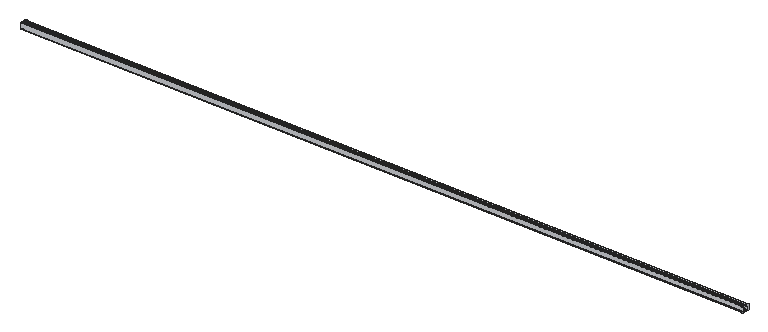
Revit family "Montageschiene 45- 45-2,5  6m fsv Langloch 2D", category HLS-Bauteile, Revit 2023
Family settings
  Bemaßung runder Anschluss = Durchmesser verwenden
  Teiletyp = Normal
  Arbeitsebenenbasiert = Ja
  Immer vertikal = Nein
  Beim Laden mit Abzugskörper schneiden = Nein
  Beschriftungsausrichtung beibehalten = Nein
  Gemeinsam genutzt = Ja
  Raumberechnungspunkt = Nein
Parameters
  vpe = "30"
  Widerstandsmoment Wz = "5.64 cm³"
  Widerstandsmoment Wy = "3.80 cm³"
  Default Elevation = 1219.2 mm
  Trägheitsradius iz = "1.90 cm"
  Trägheitsradius iy = "1.58 cm"
  Torsionswiderstandsmoment Wt = " cm³"
  Stärke = 2.5 mm
  Streckgrenze = "250 N/mm²"
  Schwerpunktabstand ez = "2.25 cm"
  Schwerpunktabstand eu = "2.31 cm"
  Schwerpunktabstand eo = "2.19 cm"
  Schlitzbreite = "22 mm"
  Regelhalter [instance] = ""
  Profiltyp = "45/45"
  Profil = "C-Profil"
  Oberflaeche = "feuerstückverzinkt"
  Montagelänge [instance] = 6000 mm
  Mengeneinheit = "m"
  Materialname = "S235"
  Material = "Stahl"
  Länge = 6000 mm
  Lochdurchmesser = "14.00 mm"
  Langloch = "14.0 x 45.0 mm"
  Kurztext2 = "45 / 45 / 2,5 mm L= 6 m fsv"
  Kurztext1 = "Montageschiene C-Profil"
  Höhe = "45 mm"
  Gewicht pro Stück [instance] = (Gewicht * Montagelänge / (1000 mm * 1000 mm)) * 1000 mm  # 19.26 kg
  Gewicht pro Bauteil [instance] = Gewicht pro Stück  # 19.26 kg
  Gewicht = 3.21 kg
  Gesamtlänge [instance] = Montagelänge  # 6000 mm
  Gesamtgewicht [instance] = Gewicht pro Bauteil  # 19.26 kg
  Fläche (schwächster Profilquerschnitt) = 0.000353 m²
  Firma = "MEFA Befestigungs- und Montagesysteme GmbH"
  Fabrikat = "MEFA"
  Erweiterung Langloch = "18.0 mm"
  EAN = "4250928448101"
  Bund = "360 m"
  Breite = 45 mm
  Artikelnummer = "0820456252"
  Anzahl Langloch [instance] = Montagelänge / 105 mm  # 57
  Abmessung = "45/45/2.5 mm"
Reference planes
  plane 1 "Mitte (Vorne/hinten)": y = 0
  plane 2: z = 0
  plane 3 "Mitte (Links/rechts)": x = 0
  plane 4: x = 6000
Forms (mm)
  Extrusion 1, solid, detail levels fine
    sketch origin (0, 0, 0) x (0, 1, 0) y (0, 0, 1)
      loop
        arc (19, 0) -> (21.475, 1.025) -> (22.5, 3.5) r 3.5
        line (22.5, 3.5) -> (22.5, 42)
        arc (22.5, 42) -> (21.621, 44.121) -> (19.5, 45) r 3
        line (19.5, 45) -> (12, 45)
        arc (12, 45) -> (11.293, 44.707) -> (11, 44) r 1
        line (11, 44) -> (11, 37.5) -> (13.5, 37.5) -> (13.5, 42.5) -> (19.5, 42.5)
        arc (19.5, 42.5) -> (19.854, 42.354) -> (20, 42) r 0.5
        line (20, 42) -> (20, 3.5)
        arc (20, 3.5) -> (19.707, 2.793) -> (19, 2.5) r 1
        line (19, 2.5) -> (-19, 2.5)
        arc (-19, 2.5) -> (-19.707, 2.793) -> (-20, 3.5) r 1
        line (-20, 3.5) -> (-20, 42)
        arc (-20, 42) -> (-19.854, 42.354) -> (-19.5, 42.5) r 0.5
        line (-19.5, 42.5) -> (-13.5, 42.5) -> (-13.5, 37.5) -> (-11, 37.5) -> (-11, 44)
        arc (-11, 44) -> (-11.293, 44.707) -> (-12, 45) r 1
        line (-12, 45) -> (-19.5, 45)
        arc (-19.5, 45) -> (-21.621, 44.121) -> (-22.5, 42) r 3
        line (-22.5, 42) -> (-22.5, 3.5)
        arc (-22.5, 3.5) -> (-21.475, 1.025) -> (-19, 0) r 3.5
        line (-19, 0) -> (19, 0)
    from 0 to 6000
  Extrusion 2, solid, detail levels medium
    sketch origin (0, 0, 0) x (0, 1, 0) y (0, 0, 1)
      loop
        line (22.5, 0) -> (22.5, 45) -> (11, 45) -> (11, 37.5) -> (13.5, 37.5) -> (13.5, 42.5) -> (20, 42.5) -> (20, 2.5) -> (-20, 2.5) -> (-20, 42.5) -> (-13.5, 42.5) -> (-13.5, 37.5) -> (-11, 37.5) -> (-11, 45) -> (-22.5, 45) -> (-22.5, 0) -> (22.5, 0)
    from 0 to 6000
  Extrusion 3, solid, detail levels coarse
    sketch origin (0, 0, 0) x (0, 1, 0) y (0, 0, 1)
      loop
        line (22.5, 0) -> (22.5, 45) -> (-22.5, 45) -> (-22.5, 0) -> (22.5, 0)
    from 0 to 6000
Dimensions and locks
  "Montagelänge": plane 4 to plane 3 "Mitte (Links/rechts)"
  equal spacing: group 1, group 2, group 3, group 4, group 5, group 6, group 7, group 8, group 9, group 10, group 11, group 12, group 13, group 14, group 15, group 16, group 17, group 18, group 19, group 20, group 21, group 22, group 23, group 24, group 25, group 26, group 27, group 28, group 29, group 30, group 31, group 32, group 33, group 34, group 35, group 36, group 37, group 38, group 39, group 40, group 41, group 42, group 43, group 44, group 45, group 46, group 47, group 48, group 49, group 50, group 51, group 52, group 53, group 54, group 55, group 56, group 57  (x3)
  aligned and locked: level to plane 2
  aligned and locked: plane 4 to Extrusion 1
  aligned and locked: Extrusion 1 to plane 4
  aligned and locked: plane 4 to Extrusion 2
  aligned and locked: plane 4 to Extrusion 3
  aligned and locked: Extrusion 1 to plane 3 "Mitte (Links/rechts)"
  aligned and locked: Extrusion 2 to plane 3 "Mitte (Links/rechts)"
  aligned and locked: Extrusion 3 to plane 3 "Mitte (Links/rechts)"
  aligned and locked: nested 1 to plane 1 "Mitte (Vorne/hinten)"
Automatic sketch dimensions
  Extrusion 1 sketch curve to Extrusion 1 sketch curve = 0 mm  (x9)
  Extrusion 1 sketch curve to level = 0 mm
  level to Extrusion 1 sketch curve = 3.5 mm  (x2)
  plane 1 "Mitte (Vorne/hinten)" to Extrusion 1 sketch curve = 22.5 mm
  Extrusion 1 sketch curve to Extrusion 1 sketch curve = 2.5 mm  (x2)
  Extrusion 1 sketch curve to Extrusion 1 sketch curve = 0.5 mm  (x2)
  Extrusion 1 sketch curve to Extrusion 1 sketch curve = 6 mm
  Extrusion 1 sketch curve to Extrusion 1 sketch curve = 1.5 mm  (x2)
  Extrusion 1 sketch curve to plane 1 "Mitte (Vorne/hinten)" = 11 mm
  Extrusion 1 sketch curve to Extrusion 1 sketch curve = 1 mm
  Extrusion 1 sketch curve to plane 1 "Mitte (Vorne/hinten)" = 19 mm
  Extrusion 1 sketch curve to Extrusion 1 sketch curve = 34 mm
  Extrusion 1 sketch curve to Extrusion 1 sketch curve = 4.5 mm  (x2)
  level to Extrusion 2 sketch curve = 0 mm
  plane 1 "Mitte (Vorne/hinten)" to Extrusion 2 sketch curve = 22.5 mm
  Extrusion 2 sketch curve to Extrusion 2 sketch curve = 2.5 mm  (x7)
  Extrusion 2 sketch curve to plane 1 "Mitte (Vorne/hinten)" = 11 mm
  Extrusion 2 sketch curve to Extrusion 2 sketch curve = 0 mm
  Extrusion 2 sketch curve to Extrusion 2 sketch curve = 5 mm  (x2)
  Extrusion 2 sketch curve to Extrusion 2 sketch curve = 6.5 mm  (x2)
  Extrusion 2 sketch curve to Extrusion 2 sketch curve = 37.5 mm
  Extrusion 3 sketch curve to level = 0 mm
  plane 1 "Mitte (Vorne/hinten)" to Extrusion 3 sketch curve = 22.5 mm
  Extrusion 3 sketch curve to plane 1 "Mitte (Vorne/hinten)" = 22.5 mm
  level to Extrusion 3 sketch curve = 45 mm
Nested families
  nested 1: "Langloch 14 x 45 18 2D" at (52.498, 0, 0) x (1, 0, 0) z (0, 0, -1), type "Langloch 14 x 45 18 2D", detail levels fine
  nested 2: "Langloch 14 x 45 18 2D" at (157.498, 0, 0) x (1, 0, 0) z (0, 0, -1), type "Langloch 14 x 45 18 2D", detail levels fine
  nested 3: "Langloch 14 x 45 18 2D" at (262.498, 0, 0) x (1, 0, 0) z (0, 0, -1), type "Langloch 14 x 45 18 2D", detail levels fine
  nested 4: "Langloch 14 x 45 18 2D" at (367.498, 0, 0) x (1, 0, 0) z (0, 0, -1), type "Langloch 14 x 45 18 2D", detail levels fine
  nested 5: "Langloch 14 x 45 18 2D" at (472.498, 0, 0) x (1, 0, 0) z (0, 0, -1), type "Langloch 14 x 45 18 2D", detail levels fine
  nested 6: "Langloch 14 x 45 18 2D" at (577.498, 0, 0) x (1, 0, 0) z (0, 0, -1), type "Langloch 14 x 45 18 2D", detail levels fine
  nested 7: "Langloch 14 x 45 18 2D" at (682.498, 0, 0) x (1, 0, 0) z (0, 0, -1), type "Langloch 14 x 45 18 2D", detail levels fine
  nested 8: "Langloch 14 x 45 18 2D" at (787.498, 0, 0) x (1, 0, 0) z (0, 0, -1), type "Langloch 14 x 45 18 2D", detail levels fine
  nested 9: "Langloch 14 x 45 18 2D" at (892.498, 0, 0) x (1, 0, 0) z (0, 0, -1), type "Langloch 14 x 45 18 2D", detail levels fine
  nested 10: "Langloch 14 x 45 18 2D" at (997.498, 0, 0) x (1, 0, 0) z (0, 0, -1), type "Langloch 14 x 45 18 2D", detail levels fine
  nested 11: "Langloch 14 x 45 18 2D" at (1102.498, 0, 0) x (1, 0, 0) z (0, 0, -1), type "Langloch 14 x 45 18 2D", detail levels fine
  nested 12: "Langloch 14 x 45 18 2D" at (1207.498, 0, 0) x (1, 0, 0) z (0, 0, -1), type "Langloch 14 x 45 18 2D", detail levels fine
  nested 13: "Langloch 14 x 45 18 2D" at (1312.498, 0, 0) x (1, 0, 0) z (0, 0, -1), type "Langloch 14 x 45 18 2D", detail levels fine
  nested 14: "Langloch 14 x 45 18 2D" at (1417.498, 0, 0) x (1, 0, 0) z (0, 0, -1), type "Langloch 14 x 45 18 2D", detail levels fine
  nested 15: "Langloch 14 x 45 18 2D" at (1522.498, 0, 0) x (1, 0, 0) z (0, 0, -1), type "Langloch 14 x 45 18 2D", detail levels fine
  nested 16: "Langloch 14 x 45 18 2D" at (1627.498, 0, 0) x (1, 0, 0) z (0, 0, -1), type "Langloch 14 x 45 18 2D", detail levels fine
  nested 17: "Langloch 14 x 45 18 2D" at (1732.498, 0, 0) x (1, 0, 0) z (0, 0, -1), type "Langloch 14 x 45 18 2D", detail levels fine
  nested 18: "Langloch 14 x 45 18 2D" at (1837.498, 0, 0) x (1, 0, 0) z (0, 0, -1), type "Langloch 14 x 45 18 2D", detail levels fine
  nested 19: "Langloch 14 x 45 18 2D" at (1942.498, 0, 0) x (1, 0, 0) z (0, 0, -1), type "Langloch 14 x 45 18 2D", detail levels fine
  nested 20: "Langloch 14 x 45 18 2D" at (2047.498, 0, 0) x (1, 0, 0) z (0, 0, -1), type "Langloch 14 x 45 18 2D", detail levels fine
  nested 21: "Langloch 14 x 45 18 2D" at (2152.498, 0, 0) x (1, 0, 0) z (0, 0, -1), type "Langloch 14 x 45 18 2D", detail levels fine
  nested 22: "Langloch 14 x 45 18 2D" at (2257.498, 0, 0) x (1, 0, 0) z (0, 0, -1), type "Langloch 14 x 45 18 2D", detail levels fine
  nested 23: "Langloch 14 x 45 18 2D" at (2362.498, 0, 0) x (1, 0, 0) z (0, 0, -1), type "Langloch 14 x 45 18 2D", detail levels fine
  nested 24: "Langloch 14 x 45 18 2D" at (2467.498, 0, 0) x (1, 0, 0) z (0, 0, -1), type "Langloch 14 x 45 18 2D", detail levels fine
  nested 25: "Langloch 14 x 45 18 2D" at (2572.498, 0, 0) x (1, 0, 0) z (0, 0, -1), type "Langloch 14 x 45 18 2D", detail levels fine
  nested 26: "Langloch 14 x 45 18 2D" at (2677.498, 0, 0) x (1, 0, 0) z (0, 0, -1), type "Langloch 14 x 45 18 2D", detail levels fine
  nested 27: "Langloch 14 x 45 18 2D" at (2782.498, 0, 0) x (1, 0, 0) z (0, 0, -1), type "Langloch 14 x 45 18 2D", detail levels fine
  nested 28: "Langloch 14 x 45 18 2D" at (2887.498, 0, 0) x (1, 0, 0) z (0, 0, -1), type "Langloch 14 x 45 18 2D", detail levels fine
  nested 29: "Langloch 14 x 45 18 2D" at (2992.498, 0, 0) x (1, 0, 0) z (0, 0, -1), type "Langloch 14 x 45 18 2D", detail levels fine
  nested 30: "Langloch 14 x 45 18 2D" at (3097.498, 0, 0) x (1, 0, 0) z (0, 0, -1), type "Langloch 14 x 45 18 2D", detail levels fine
  nested 31: "Langloch 14 x 45 18 2D" at (3202.498, 0, 0) x (1, 0, 0) z (0, 0, -1), type "Langloch 14 x 45 18 2D", detail levels fine
  nested 32: "Langloch 14 x 45 18 2D" at (3307.498, 0, 0) x (1, 0, 0) z (0, 0, -1), type "Langloch 14 x 45 18 2D", detail levels fine
  nested 33: "Langloch 14 x 45 18 2D" at (3412.498, 0, 0) x (1, 0, 0) z (0, 0, -1), type "Langloch 14 x 45 18 2D", detail levels fine
  nested 34: "Langloch 14 x 45 18 2D" at (3517.498, 0, 0) x (1, 0, 0) z (0, 0, -1), type "Langloch 14 x 45 18 2D", detail levels fine
  nested 35: "Langloch 14 x 45 18 2D" at (3622.498, 0, 0) x (1, 0, 0) z (0, 0, -1), type "Langloch 14 x 45 18 2D", detail levels fine
  nested 36: "Langloch 14 x 45 18 2D" at (3727.498, 0, 0) x (1, 0, 0) z (0, 0, -1), type "Langloch 14 x 45 18 2D", detail levels fine
  nested 37: "Langloch 14 x 45 18 2D" at (3832.498, 0, 0) x (1, 0, 0) z (0, 0, -1), type "Langloch 14 x 45 18 2D", detail levels fine
  nested 38: "Langloch 14 x 45 18 2D" at (3937.498, 0, 0) x (1, 0, 0) z (0, 0, -1), type "Langloch 14 x 45 18 2D", detail levels fine
  nested 39: "Langloch 14 x 45 18 2D" at (4042.498, 0, 0) x (1, 0, 0) z (0, 0, -1), type "Langloch 14 x 45 18 2D", detail levels fine
  nested 40: "Langloch 14 x 45 18 2D" at (4147.498, 0, 0) x (1, 0, 0) z (0, 0, -1), type "Langloch 14 x 45 18 2D", detail levels fine
  nested 41: "Langloch 14 x 45 18 2D" at (4252.498, 0, 0) x (1, 0, 0) z (0, 0, -1), type "Langloch 14 x 45 18 2D", detail levels fine
  nested 42: "Langloch 14 x 45 18 2D" at (4357.498, 0, 0) x (1, 0, 0) z (0, 0, -1), type "Langloch 14 x 45 18 2D", detail levels fine
  nested 43: "Langloch 14 x 45 18 2D" at (4462.498, 0, 0) x (1, 0, 0) z (0, 0, -1), type "Langloch 14 x 45 18 2D", detail levels fine
  nested 44: "Langloch 14 x 45 18 2D" at (4567.498, 0, 0) x (1, 0, 0) z (0, 0, -1), type "Langloch 14 x 45 18 2D", detail levels fine
  nested 45: "Langloch 14 x 45 18 2D" at (4672.498, 0, 0) x (1, 0, 0) z (0, 0, -1), type "Langloch 14 x 45 18 2D", detail levels fine
  nested 46: "Langloch 14 x 45 18 2D" at (4777.498, 0, 0) x (1, 0, 0) z (0, 0, -1), type "Langloch 14 x 45 18 2D", detail levels fine
  nested 47: "Langloch 14 x 45 18 2D" at (4882.498, 0, 0) x (1, 0, 0) z (0, 0, -1), type "Langloch 14 x 45 18 2D", detail levels fine
  nested 48: "Langloch 14 x 45 18 2D" at (4987.498, 0, 0) x (1, 0, 0) z (0, 0, -1), type "Langloch 14 x 45 18 2D", detail levels fine
  nested 49: "Langloch 14 x 45 18 2D" at (5092.498, 0, 0) x (1, 0, 0) z (0, 0, -1), type "Langloch 14 x 45 18 2D", detail levels fine
  nested 50: "Langloch 14 x 45 18 2D" at (5197.498, 0, 0) x (1, 0, 0) z (0, 0, -1), type "Langloch 14 x 45 18 2D", detail levels fine
  nested 51: "Langloch 14 x 45 18 2D" at (5302.498, 0, 0) x (1, 0, 0) z (0, 0, -1), type "Langloch 14 x 45 18 2D", detail levels fine
  nested 52: "Langloch 14 x 45 18 2D" at (5407.498, 0, 0) x (1, 0, 0) z (0, 0, -1), type "Langloch 14 x 45 18 2D", detail levels fine
  nested 53: "Langloch 14 x 45 18 2D" at (5512.498, 0, 0) x (1, 0, 0) z (0, 0, -1), type "Langloch 14 x 45 18 2D", detail levels fine
  nested 54: "Langloch 14 x 45 18 2D" at (5617.498, 0, 0) x (1, 0, 0) z (0, 0, -1), type "Langloch 14 x 45 18 2D", detail levels fine
  nested 55: "Langloch 14 x 45 18 2D" at (5722.498, 0, 0) x (1, 0, 0) z (0, 0, -1), type "Langloch 14 x 45 18 2D", detail levels fine
  nested 56: "Langloch 14 x 45 18 2D" at (5827.498, 0, 0) x (1, 0, 0) z (0, 0, -1), type "Langloch 14 x 45 18 2D", detail levels fine
  nested 57: "Langloch 14 x 45 18 2D" at (5932.498, 0, 0) x (1, 0, 0) z (0, 0, -1), type "Langloch 14 x 45 18 2D", detail levels fine
Definition of nested family "Langloch 14 x 45 18 2D"
  Parameters (values of type "Langloch 14 x 45 18 2D")
    Default Elevation = 1219.2 mm
  Reference planes
    plane 1 "Mitte (Vorne/hinten)": y = 0
    plane 2: z = 0
    plane 3 "Mitte (Links/rechts)": x = 0
  Forms (mm)
    Extrusion 1, solid
      sketch origin (0, 0, 0) x (1, 0, 0) y (0, 1, 0)
        loop
          line (-1219.2, 1219.2) -> (-1219.2, -1219.2) -> (1219.2, -1219.2) -> (1219.2, 1219.2) -> (-1219.2, 1219.2)
      from 0 to -304.8
  Lines and regions (mm)
    model lines
      curve 1: line (-15.498, 7, 0) -> (-5.645, 7, 0)
      curve 2: line (-15.498, -7, 0) -> (-5.645, -7, 0)
      curve 3: arc (15.692, 6.997, 0) -> (22.502, 0, 0) -> (15.692, -6.997, 0) r 7
      curve 6: arc (-15.498, 7, 0) -> (-22.498, 0, 0) -> (-15.498, -7, 0) r 7
      curve 7: line (-15.692, 7.5, 0) -> (-15.692, -7.5, 0)
      curve 8: line (-24.531, 0, 0) -> (24.555, 0, 0)
      curve 9: circle (52.502, 0, 0) r 9 normal (0, 0, 1)
      curve 10: line (52.502, 11, 0) -> (52.502, -11, 0)
      curve 12: line (42.937, 0, 0) -> (62.034, 0, 0)
      curve 13: arc (5.672, 6.997, 0) -> (0.014, 9, 0) -> (-5.645, 7, 0) r 9
      curve 14: line (15.692, 6.997, 0) -> (5.672, 6.997, 0)
      curve 15: line (15.692, -6.997, 0) -> (5.672, -6.997, 0)
      curve 16: arc (5.672, -6.997, 0) -> (0.014, -9, 0) -> (-5.645, -7, 0) r 9
      curve 17: line (0, 11, 0) -> (0, -11, 0)
      curve 19: line (15, 7.5, 0) -> (15, -7.5, 0)
    model lines, detail levels fine
      curve 4: line (-15.692, 0, 10) -> (-15.692, 0, -10)
      curve 5: line (15.692, 0, 10) -> (15.692, 0, -10)
      curve 11: line (52.502, 0, 10) -> (52.502, 0, -10)
      curve 18: line (0.014, 0, 10) -> (0.014, 0, -10)
  Dimensions and locks
    aligned and locked: plane 2 to Extrusion 1
    aligned and locked: level to Extrusion 1
    aligned and locked: curve 17 to plane 3 "Mitte (Links/rechts)"
